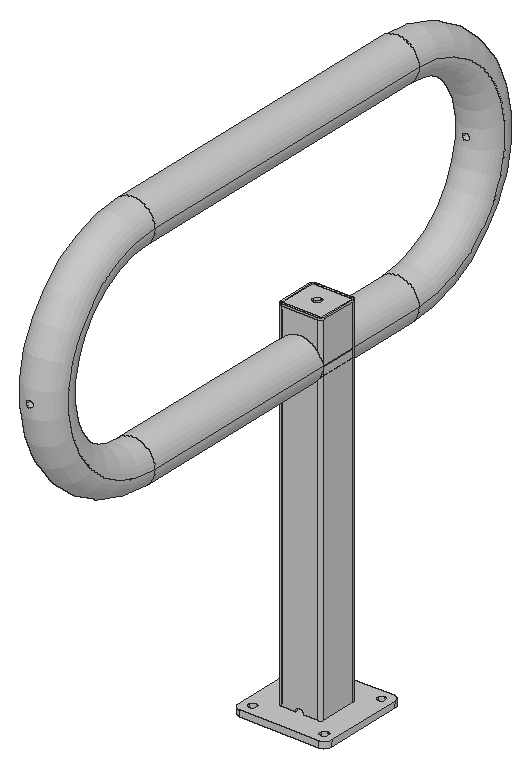
Revit family "Landscaping_Other_Axelent_Journey", category Furniture, Revit 2018
Family settings
  OmniClass Number = 23.40.10.14
  OmniClass Title = Exterior Specialties
  Work Plane-Based = No
  Always vertical = Yes
  Cut with Voids When Loaded = No
  Shared = No
  Room Calculation Point = No
Parameters (values of type "Bike-Up Journey")
  WarrantyStartDate [instance] = "n/a"
  WarrantyGuarantorParts = "n/a"
  WarrantyGuarantorLabor = "n/a"
  WarrantyDurationUnit = "Years"
  WarrantyDurationParts = "n/a"
  WarrantyDurationLabor = "n/a"
  WarrantyDescription = "n/a"
  VersionDate = "28/03/2022"  # constant formula
  Version = "1"  # constant formula
  Uniclass2015Reference = "Pr_40_30_21"
  Uniclass2015Description = "Cycle stands and lockers"
  Uniclass2 = "Pr_40_30_20"
  URL = "https://www.axelent.com/products/property/bike-racks/other-racks/bike-up-journey/"
  Type Comments = ""
  TagNumber [instance] = "n/a"
  SustainabilityPerformance = "n/a"
  Style = "n/a"
  Size = "130x820x779 mm"
  Shape = "Sculptured"
  SerialNumber [instance] = "n/a"
  Revision = "n/a"
  ReplacementCost = "n/a"
  ProductInformation = "Stable and robust bicycle rack for support and locking of bicycles. Hot-dip galvanized surface treatment,  fastening with bolt."
  ProductDatasheet = "https://www.axelent.com/media/dosklvmw/axelent-safe-x-bike-up-journey-101103.pdf"
  NominalLength = 130 mm
  NominalHeight = 779.984 mm
  NominalDepth = 820 mm
  Name = "Journey"
  NBSReference = "45-35-86/311"
  NBSDescription = "Aluminium cycle lockers"
  ModelReference = "n/a"
  ModelNumber = "101103"
  Material = "Steel"
  ManufacturerURL = "https://www.axelent.com/home/"
  ManufacturerName = "Axelent"
  Model = "Bike-Up Journey"
  Manufacturer = "Axelent"
  MainColor = "Galvanized"
  InstallationDate [instance] = "n/a"
  IfcExportType = "BOLLARD"  # constant formula
  IfcExportAs = "IfcFurnishingElementType"  # constant formula
  Grade = "n/a"
  Finish = "n/a"
  Features = "n/a"
  ExpectedLife = "Years"
  DurationUnit = "n/a"
  Description = "Stable and robust bicycle rack for support and locking of bicycles. Hot-dip galvanized surface treatment,  fastening with bolt."
  CycleBollardMainMaterial = Steel, Galvanized
  Cost = 0
  Constituents = "n/a"
  Color = MainColor  # "Galvanized"
  CodePerformance = "n/a"
  Barcode [instance] = "n/a"
  AssetIdentifier [instance] = "n/a"
  Category = "Cycle lockers"
  Brand = "Axelent"
  BIMObjectName = "Landscaping_Other_Axelent_Journey"
  Author = "BIMstone"  # constant formula
  AssetType = "Fixed"
  AccessibilityPerformance = "n/a"
Reference planes
  plane 1 "Center (Front/Back)": y = 0
  plane 2: z = 0
  plane 3 "Center (Left/Right)": x = 0
  plane 4: x = -65
  plane 5: x = 65
  plane 6: y = -410
  plane 7: z = 779.984
  plane 8: y = 410
Dimensions and locks
  equal spacing: plane 4, plane 3 "Center (Left/Right)", plane 5
  "NominalLength": plane 4 to plane 5
  "NominalHeight": plane 7 to level
  equal spacing: plane 8, plane 1 "Center (Front/Back)", plane 6
  "NominalDepth": plane 6 to plane 8
  aligned and locked: level to plane 2
Nested families
  nested 1: "journey" at (0, 0, 0), main material <- "CycleBollardMainMaterial", type "journey"
    with main material Steel, Galvanized
Definition of nested family "journey"
  Parameters (values of type "journey")
    main material [instance] = none
  Reference planes
    plane 1 "Center (Front/Back)": y = 0
    plane 2: z = 0
    plane 3 "Center (Left/Right)": x = 0
    plane 4: x = -65
    plane 5: y = 410
    plane 6: y = -410
    plane 7: x = 65
    plane 8: z = 779.984
  Forms (mm)
    Sweep 1, solid, material <- "main material", detail levels medium+fine
      path origin (0, 0, 0) x (0, -1, 0) y (0, 0, 1)
        loop
          line (230.006, 749.984) -> (-229.983, 749.984)
          arc (-229.983, 749.984) -> (-379.983, 599.984) -> (-229.983, 449.984) r 150
          line (-229.983, 449.984) -> (230.006, 449.984)
          arc (230.006, 449.984) -> (380.006, 599.984) -> (230.006, 749.984) r 150
      profile origin (0, -0.012, 749.984) x (0, 0, -1) y (-1, 0, 0)
        loop
          circle (0, 0) r 30
    Extrusion 2, solid, material <- "main material", detail levels medium+fine
      sketch origin (0, 0, 0) x (-1, 0, 0) y (0, -1, 0)
        loop
          arc (-55, -25.067) -> (-62.071, -27.996) -> (-65, -35.067) r 10
          line (-65, -35.067) -> (-65, -145.067)
          arc (-65, -145.067) -> (-62.071, -152.138) -> (-55, -155.067) r 10
          line (-55, -155.067) -> (55, -155.067)
          arc (55, -155.067) -> (62.071, -152.138) -> (65, -145.067) r 10
          line (65, -145.067) -> (65, -35.067)
          arc (65, -35.067) -> (62.071, -27.996) -> (55, -25.067) r 10
          line (55, -25.067) -> (-55, -25.067)
        loop
          circle (-50.1, -40.185) r 5.5
        loop
          circle (50.1, -40.185) r 5.5
        loop
          circle (-50.1, -139.949) r 5.5
        loop
          circle (50.1, -139.949) r 5.5
      from 0 to 8
    Extrusion 3, solid, material <- "main material", detail levels medium+fine
      sketch origin (0, 0, 0) x (-1, 0, 0) y (0, -1, 0)
        loop
          arc (-25, -60.067) -> (-28.536, -61.531) -> (-30, -65.067) r 5
          line (-30, -65.067) -> (-30, -115.067)
          arc (-30, -115.067) -> (-28.536, -118.602) -> (-25, -120.067) r 5
          line (-25, -120.067) -> (25, -120.067)
          arc (25, -120.067) -> (28.536, -118.602) -> (30, -115.067) r 5
          line (30, -115.067) -> (30, -65.067)
          arc (30, -65.067) -> (28.536, -61.531) -> (25, -60.067) r 5
          line (25, -60.067) -> (-25, -60.067)
        loop
          arc (-28, -115.067) -> (-27.121, -117.188) -> (-25, -118.067) r 3
          line (-25, -118.067) -> (25, -118.067)
          arc (25, -118.067) -> (27.121, -117.188) -> (28, -115.067) r 3
          line (28, -115.067) -> (28, -65.067)
          arc (28, -65.067) -> (27.121, -62.945) -> (25, -62.067) r 3
          line (25, -62.067) -> (-25, -62.067)
          arc (-25, -62.067) -> (-27.121, -62.945) -> (-28, -65.067) r 3
          line (-28, -65.067) -> (-28, -115.067)
      from 8 to 510
    Extrusion 4, solid, material <- "main material", detail levels medium+fine
      sketch origin (0, 0, 0) x (-1, 0, 0) y (0, -1, 0)
        loop
          line (25, -60.067) -> (-25, -60.067)
          arc (-25, -60.067) -> (-28.536, -61.531) -> (-30, -65.067) r 5
          line (-30, -65.067) -> (-30, -115.067)
          arc (-30, -115.067) -> (-28.536, -118.602) -> (-25, -120.067) r 5
          line (-25, -120.067) -> (25, -120.067)
          arc (25, -120.067) -> (28.536, -118.602) -> (30, -115.067) r 5
          line (30, -115.067) -> (30, -65.067)
          arc (30, -65.067) -> (28.536, -61.531) -> (25, -60.067) r 5
        loop
          circle (0, -90.067) r 6
      from 508 to 510
    Extrusion 5, void
      sketch origin (0, 0, 0) x (-1, 0, 0) y (0, 0, 1)
        loop
          line (-6, 8) -> (6, 8)
          arc (6, 8) -> (0, 14) -> (-6, 8) r 6
      from 0 to 250
    Extrusion 6, void
      sketch origin (0, 0, 0) x (-1, 0, 0) y (0, 0, 1)
        loop
          circle (0, 599.943) r 5
      from -554.344 to 647.977
    Extrusion 7, solid, material <- "main material", detail levels coarse
      sketch origin (0, 0, 0) x (0, 1, 0) y (0, 0, 1)
        loop
          line (-410, 779.984) -> (-410, 0) -> (410, 0) -> (410, 779.984) -> (-410, 779.984)
      from -65 to 65
  Cuts and joins
    Extrusion 5 cuts Extrusion 2
    Extrusion 5 cuts Extrusion 3
    Extrusion 6 cuts Sweep 1
  Lines and regions (mm)
    symbolic lines, detail levels medium+fine
      curve 1: arc (0, 410, 0) -> (-21.292, 401.18, 0) -> (-30.112, 379.888, 0) r 30.112
      curve 2: line (-30.112, 379.888, 0) -> (-30.112, 155.067, 0)
      curve 3: line (-30.112, 155.067, 0) -> (-55, 155.067, 0)
      curve 4: arc (-55, 155.067, 0) -> (-62.071, 152.138, 0) -> (-65, 145.067, 0) r 10
      curve 5: line (-65, 145.067, 0) -> (-65, 35.067, 0)
      curve 6: arc (-65, 35.067, 0) -> (-62.071, 27.996, 0) -> (-55, 25.067, 0) r 10
      curve 7: line (-55, 25.067, 0) -> (-30.112, 25.067, 0)
      curve 9: line (-30.112, 25.067, 0) -> (-30.112, -379.933, 0)
      curve 10: arc (-30.112, -379.933, 0) -> (-21.29, -401.21, 0) -> (0, -410, 0) r 30.067
      curve 15: arc (0, 410, 0) -> (21.292, 401.18, 0) -> (30.112, 379.888, 0) r 30.112
      curve 16: line (30.112, 379.888, 0) -> (30.112, 155.067, 0)
      curve 17: line (30.112, 155.067, 0) -> (55, 155.067, 0)
      curve 18: arc (55, 155.067, 0) -> (62.071, 152.138, 0) -> (65, 145.067, 0) r 10
      curve 19: line (65, 145.067, 0) -> (65, 35.067, 0)
      curve 20: arc (65, 35.067, 0) -> (62.071, 27.996, 0) -> (55, 25.067, 0) r 10
      curve 21: line (55, 25.067, 0) -> (30.112, 25.067, 0)
      curve 23: line (30.112, 25.067, 0) -> (30.112, -379.933, 0)
      curve 24: arc (30.112, -379.933, 0) -> (21.29, -401.21, 0) -> (0, -410, 0) r 30.067
      curve 29: line (-65, 0, 8) -> (-30, 0, 8)
      curve 33: line (-65, 0, 8) -> (-65, 0, 0)
      curve 34: line (-65, 0, 0) -> (0, 0, 0)
      curve 35: line (-30, 0, 8) -> (-30, 0, 444.32)
      curve 36: arc (-30, 0, 751.621) -> (-20.588, 0, 771.713) -> (0, 0, 779.984) r 30.261
      curve 40: line (-30, 0, 444.32) -> (-30, 0, 751.621)
      curve 41: line (65, 0, 8) -> (30, 0, 8)
      curve 45: line (65, 0, 8) -> (65, 0, 0)
      curve 46: line (65, 0, 0) -> (0, 0, 0)
      curve 47: line (30, 0, 8) -> (30, 0, 444.32)
      curve 48: arc (30, 0, 751.621) -> (20.588, 0, 771.713) -> (0, 0, 779.984) r 30.261
      curve 52: line (30, 0, 444.32) -> (30, 0, 751.621)
      curve 53: line (0, 0, 779.984) -> (0, 230.034, 779.984)
      curve 54: line (0, 0, 419.984) -> (0, 60.067, 419.984)
      curve 55: arc (0, 230.034, 779.984) -> (0, 410.034, 599.984) -> (0, 230.034, 419.984) r 180
      curve 59: line (0, 0, 779.984) -> (0, -230.034, 779.984)
      curve 60: line (0, 0, 419.984) -> (0, -230.034, 419.984)
      curve 61: arc (0, -230.034, 779.984) -> (0, -410.034, 599.984) -> (0, -230.034, 419.984) r 180
      curve 71: line (0, 120.067, 8) -> (0, 120.067, 419.984)
      curve 72: line (0, 60.067, 8) -> (0, 60.067, 419.984)
      curve 74: line (0, 120.067, 8) -> (0, 155.067, 8)
      curve 75: line (0, 155.067, 8) -> (0, 155.067, 0)
      curve 76: line (0, 155.067, 0) -> (0, 25.067, 0)
      curve 77: line (0, 25.067, 0) -> (0, 25.067, 8)
      curve 78: line (0, 25.067, 8) -> (0, 60.067, 8)
      curve 81: line (0, 120.067, 419.984) -> (0, 230.034, 419.984)
    symbolic lines, detail levels fine
      curve 8: line (-30.112, 155.067, 0) -> (-30.112, 25.067, 0)
      curve 11: arc (-55.6, 139.949, 0) -> (-50.1, 145.449, 0) -> (-44.6, 139.949, 0) r 5.5
      curve 12: arc (-44.6, 139.949, 0) -> (-50.1, 134.449, 0) -> (-55.6, 139.949, 0) r 5.5
      curve 13: arc (-55.6, 40.185, 0) -> (-50.1, 45.685, 0) -> (-44.6, 40.185, 0) r 5.5
      curve 14: arc (-44.6, 40.185, 0) -> (-50.1, 34.685, 0) -> (-55.6, 40.185, 0) r 5.5
      curve 22: line (30.112, 155.067, 0) -> (30.112, 25.067, 0)
      curve 25: arc (55.6, 139.949, 0) -> (50.1, 145.449, 0) -> (44.6, 139.949, 0) r 5.5
      curve 26: arc (44.6, 139.949, 0) -> (50.1, 134.449, 0) -> (55.6, 139.949, 0) r 5.5
      curve 27: arc (55.6, 40.185, 0) -> (50.1, 45.685, 0) -> (44.6, 40.185, 0) r 5.5
      curve 28: arc (44.6, 40.185, 0) -> (50.1, 34.685, 0) -> (55.6, 40.185, 0) r 5.5
      curve 30: line (-30, 0, 8) -> (-6, 0, 8)
      curve 31: line (-6, 0, 8) -> (0, 0, 8)
      curve 32: arc (-6, 0, 8) -> (-4.243, 0, 12.243) -> (0, 0, 14) r 6
      curve 37: arc (-5, 0, 599.943) -> (-3.536, 0, 603.478) -> (0, 0, 604.943) r 5
      curve 38: arc (0, 0, 594.943) -> (-3.536, 0, 596.407) -> (-5, 0, 599.943) r 5
      curve 39: arc (-30, 0, 444.32) -> (-19.273, 0, 426.922) -> (0, 0, 420.116) r 30.694
      curve 42: line (30, 0, 8) -> (6, 0, 8)
      curve 43: line (6, 0, 8) -> (0, 0, 8)
      curve 44: arc (6, 0, 8) -> (4.243, 0, 12.243) -> (0, 0, 14) r 6
      curve 49: arc (5, 0, 599.943) -> (3.536, 0, 603.478) -> (0, 0, 604.943) r 5
      curve 50: arc (0, 0, 594.943) -> (3.536, 0, 596.407) -> (5, 0, 599.943) r 5
      curve 51: arc (30, 0, 444.32) -> (19.273, 0, 426.922) -> (0, 0, 420.116) r 30.694
      curve 56: line (0, 0, 719.984) -> (0, 230.034, 719.984)
      curve 57: arc (0, 230.034, 719.984) -> (0, 350.034, 599.984) -> (0, 230.034, 479.984) r 120
      curve 58: line (0, 0, 479.984) -> (0, 60.067, 479.984)
      curve 62: line (0, 0, 719.984) -> (0, -230.034, 719.984)
      curve 63: arc (0, -230.034, 719.984) -> (0, -350.034, 599.984) -> (0, -230.034, 479.984) r 120
      curve 64: line (0, 0, 479.984) -> (0, -230.034, 479.984)
      curve 65: line (0, 120.067, 510) -> (0, 60.067, 510)
      curve 66: line (0, 60.067, 510) -> (0, 60.067, 508)
      curve 67: line (0, 60.067, 508) -> (0, 120.067, 508)
      curve 68: line (0, 120.067, 508) -> (0, 120.067, 510)
      curve 69: line (0, 120.067, 508) -> (0, 120.067, 479.984)
      curve 70: line (0, 60.067, 508) -> (0, 60.067, 479.984)
      curve 73: line (0, 60.067, 8) -> (0, 120.067, 8)
      curve 79: line (0, 120.067, 479.984) -> (0, 230.034, 479.984)
      curve 80: line (0, 60.067, 479.984) -> (0, 120.067, 479.984)
      curve 82: line (0, 60.067, 419.984) -> (0, 120.067, 419.984)
  Dimensions and locks
    plane 8 to level = 779.984 mm
    aligned and locked: level to plane 2
